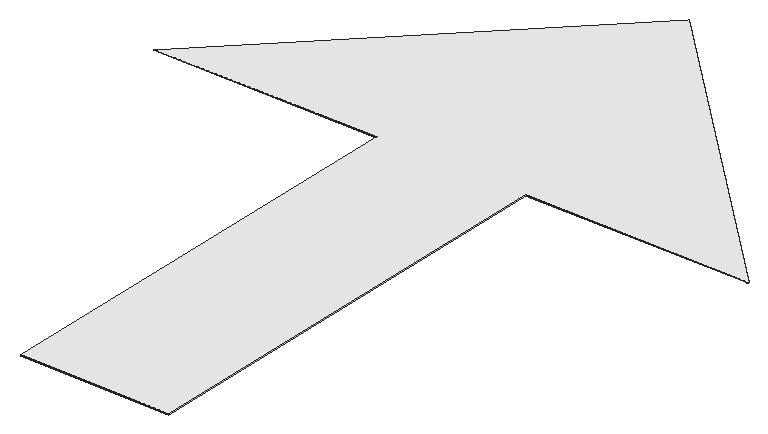
Revit family "Seta direcional 1", category Parking, Revit 2016
Family settings
  Work Plane-Based = No
  Always vertical = No
  Cut with Voids When Loaded = No
  Shared = No
Parameters (values of type "Sinalização Horizontal")
  Ângulo da seta = 45.00°
  Largura do traço = 20 cm
  Faixa de estacionamento = White Parking Stripe
  Altura do traço = 60 cm
  Altura da seta = 40 cm
Reference planes (cm)
  plane 1: z = 0
  plane 2 "Center (Left/Right)": x = 0
  plane 3: y = -30.48
Forms (cm)
  Extrusion 1, solid, material "White Parking Stripe" <- "Faixa de estacionamento"
    sketch origin (0, 0, 0) x (1, 0, 0) y (0, 1, 0)
      loop
        line (-10, -90.48) -> (10, -90.48) -> (10, -30.48) -> (40, -30.48) -> (0, 9.52) -> (-40, -30.48) -> (-10, -30.48) -> (-10, -90.48)
    from 0 to 0.1
Dimensions and locks (cm)
  equal spacing: Extrusion 1 sketch curve, plane 2 "Center (Left/Right)", Extrusion 1 sketch curve
  "Altura do traço": plane 3 to Extrusion 1
  "Largura do traço": Extrusion 1 to Extrusion 1
  "Altura da seta": Extrusion 1 sketch curve to Extrusion 1 sketch curve
  "Ângulo da seta": angle plane 2 "Center (Left/Right)" to Extrusion 1 sketch curve
  "Ângulo da seta": angle Extrusion 1 sketch curve to plane 2 "Center (Left/Right)"
  aligned and locked: plane 2 "Center (Left/Right)" to Extrusion 1
Automatic sketch dimensions
  Extrusion 1 sketch curve to plane 3 = 0 cm  (x2)
  Extrusion 1 sketch curve to plane 2 "Center (Left/Right)" = 0 cm
  Extrusion 1 sketch curve to plane 2 "Center (Left/Right)" = 10 cm
  Extrusion 1 sketch curve to plane 3 = 60 cm
